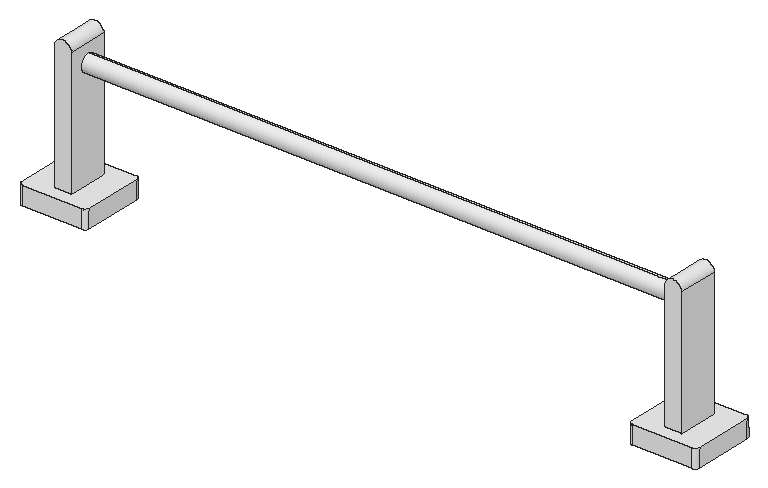
Revit family "Towel_Bar-American_Standard-Contemporary_CS_Series-8335.018_Series", category Specialty Equipment, host Face, Revit 2018
Family settings
  Host = Face
  Round Connector Dimension = Use Diameter
  Part Type = Normal
  OmniClass Number = 23.40.20.21.27
  OmniClass Title = Towel Bars
  Cut with Voids When Loaded = No
  Shared = Yes
  Room Calculation Point = No
Parameters (values of type "8335018.002")
  Width = 18"
  URL = "http://www.americanstandard-us.com"
  Type Comments = ""
  Revised Date = "03/11/2022"  # constant formula
  Product Page URL = "https://www.americanstandard-us.com/Towel-Bars/CS-Series-18-Inch-Towel-Bar/CHROME-8335018002"
  Product Documentation Link = "https://americanstandard.box.com/shared/static/9b9ujtr7z8ytw6nidwsmm714037jnowg.pdf"
  Price = "Prices may vary. Please consult Manufacturer Representative for most up-to-date price list."  # constant formula
  Overall Width = 20"
  Model = "8335018.002"
  Material = "Brass-American Standard-002-Polished Chrome"
  Manufacturer = "American Standard"
  Length = 4 1/2"
  Installation Type = "Wall Mounted"
  Height = 2"
  Finish = Brass-American Standard-002-Polished Chrome
  Description = "CS Series 18-Inch Towel Bar"
  Default Elevation = 40"
  Creation Date = "04/04/2014"  # constant formula
  Assembly Code = "C1030200"
Types (3): name | Product Page URL | Model | Material | Finish
  (no name) | "https://www.americanstandard-us.com/Towel-Bars/CS-Series-18-Inch-Towel-Bar/CHROME-8335018002" | "8335018.002" | "Brass-American Standard-002-Polished Chrome" | Brass-American Standard-002-Polished Chrome
  8335018.002 | "https://www.americanstandard-us.com/Towel-Bars/CS-Series-18-Inch-Towel-Bar/CHROME-8335018002" | "8335018.002" | "Brass-American Standard-002-Polished Chrome" | Brass-American Standard-002-Polished Chrome
  8335018.295 | "https://www.americanstandard-us.com/Towel-Bars/CS-Series-18-Inch-Towel-Bar/BRUSHED-NICKEL-8335018295" | "8335018.295" | "Brass-American Standard-295-Satin Nickel" | Brass-American Standard-295-Satin Nickel
Reference planes (in)
  plane 1 "Center (Front/Back)": y = 0
  plane 2: z = 0
  plane 3 "Center (Left/Right)": x = 0
  plane 4 "Floor Level": y = -40
  plane 5: x = -9
  plane 6: y = 1
  plane 7: x = -10
  plane 8: x = -8
  plane 9: x = -9.25
  plane 10: x = -8.75
  plane 11: z = 3.75
  plane 12: z = 4.5
  plane 13: y = 0.59375
  plane 14: y = -0.59375
  plane 15: y = -1
  plane 16: x = 9
  plane 17: x = 10
  plane 18: x = 8
  plane 19: x = 9.25
  plane 20: x = 8.75
Forms (in)
  Extrusion 1, solid, material "Brass-American Standard-002-Polished Chrome" <- "Finish"
    sketch origin (0, 0, 0) x (1, 0, 0) y (0, 0, -1)
      loop
        line (-9.25, -0.28467) -> (-9.25, -4.25)
        arc (-9.25, -4.25) -> (-9, -4.5) -> (-8.75, -4.25) r 0.25
        line (-8.75, -4.25) -> (-8.75, -0.28467) -> (-9.25, -0.28467)
    from -0.59375 to 0.59375
  Extrusion 2, solid, material "Brass-American Standard-002-Polished Chrome" <- "Finish"
    sketch origin (0, 0, 0) x (1, 0, 0) y (0, 1, 0)
      loop
        arc (-9.875, 1) -> (-9.96339, 0.96339) -> (-10, 0.875) r 0.125
        line (-10, 0.875) -> (-10, -0.875)
        arc (-10, -0.875) -> (-9.96339, -0.96339) -> (-9.875, -1) r 0.125
        line (-9.875, -1) -> (-8.125, -1)
        arc (-8.125, -1) -> (-8.03661, -0.96339) -> (-8, -0.875) r 0.125
        line (-8, -0.875) -> (-8, 0.875)
        arc (-8, 0.875) -> (-8.03661, 0.96339) -> (-8.125, 1) r 0.125
        line (-8.125, 1) -> (-9.875, 1)
    from 0 to 0.52925
  Extrusion 3, solid, material "Brass-American Standard-002-Polished Chrome" <- "Finish"
    sketch origin (0, 0, 0) x (0, 0, -1) y (0, 1, 0)
      loop
        circle (-3.75, 0) r 0.25
    from -9 to 9
  Extrusion 4, solid, material "Brass-American Standard-002-Polished Chrome" <- "Finish"
    sketch origin (0, 0, 0) x (-1, 0, 0) y (0, 0, 1)
      loop
        line (-9.25, 0.28467) -> (-8.75, 0.28467) -> (-8.75, 4.25)
        arc (-8.75, 4.25) -> (-9, 4.5) -> (-9.25, 4.25) r 0.25
        line (-9.25, 4.25) -> (-9.25, 0.28467)
    from -0.59375 to 0.59375
  Extrusion 5, solid, material "Brass-American Standard-002-Polished Chrome" <- "Finish"
    sketch origin (0, 0, 0) x (-1, 0, 0) y (0, -1, 0)
      loop
        line (-9.875, -1) -> (-8.125, -1)
        arc (-8.125, -1) -> (-8.03661, -0.96339) -> (-8, -0.875) r 0.125
        line (-8, -0.875) -> (-8, 0.875)
        arc (-8, 0.875) -> (-8.03661, 0.96339) -> (-8.125, 1) r 0.125
        line (-8.125, 1) -> (-9.875, 1)
        arc (-9.875, 1) -> (-9.96339, 0.96339) -> (-10, 0.875) r 0.125
        line (-10, 0.875) -> (-10, -0.875)
        arc (-10, -0.875) -> (-9.96339, -0.96339) -> (-9.875, -1) r 0.125
    from 0 to 0.52925
Lines and regions (in)
  Masking region 1
    outline origin (0, 0, 0) x (1, 0, 0) y (0, 0, 1)
      loop
        line (-9.25, 4.25) -> (-9.25, 0.52925) -> (-10, 0.52925) -> (-10, 0) -> (-8, 0) -> (-8, 0.52925) -> (-8.75, 0.52925) -> (-8.75, 3.5) -> (8.75, 3.5) -> (8.75, 0.52925) -> (8, 0.52925) -> (8, 0) -> (10, 0) -> (10, 0.52925) -> (9.25, 0.52925) -> (9.25, 4.25)
        arc (9.25, 4.25) -> (9, 4.5) -> (8.75, 4.25) r 0.25
        line (8.75, 4.25) -> (8.75, 4) -> (-8.75, 4) -> (-8.75, 4.25)
        arc (-8.75, 4.25) -> (-9, 4.5) -> (-9.25, 4.25) r 0.25
  symbolic lines, style "SpecialityEquipment", detail levels fine
    curve 1: line (8.75, 0, 0.52925) -> (9.25, 0, 0.52925)
    curve 3: line (-8.75, 0, 0.52925) -> (-9.25, 0, 0.52925)
  symbolic lines, style "SpecialityEquipment", detail levels medium+fine
    curve 2: line (8.75, 0, 3.5) -> (8.75, 0, 4)
    curve 4: line (-8.75, 0, 3.5) -> (-8.75, 0, 4)
Dimensions and locks (in)
  "Default Elevation": plane 4 "Floor Level" to plane 1 "Center (Front/Back)"
  "Width": plane 5 to plane 16
  "Overall Width": plane 7 to plane 17
  plane 15 to plane 6 = 2"
  "Length": plane 12 to level
  plane 11 to plane 2 = 3 3/4"
  "Height": plane 6 to plane 15
  aligned and locked: plane 2 to host face
  aligned and locked: level to host face
Automatic sketch dimensions
  host sketch curve to host sketch curve = 96"  (x2)
  Extrusion 1 sketch curve to plane 9 = 0"
  Extrusion 1 sketch curve to plane 5 = 0"
  Extrusion 1 sketch curve to plane 12 = 1/4"
  level to Extrusion 1 sketch curve = 0.28467"
  Extrusion 2 sketch curve to plane 7 = 0"
  plane 15 to Extrusion 2 sketch curve = 0"
  plane 6 to Extrusion 2 sketch curve = 0"
  Extrusion 2 sketch curve to plane 8 = 0"
  plane 7 to Extrusion 2 sketch curve = 1/8"
  plane 6 to Extrusion 2 sketch curve = 1/8"
  plane 8 to Extrusion 2 sketch curve = 1/8"  (x2)
  Extrusion 3 sketch curve to plane 1 "Center (Front/Back)" = 0"
  Extrusion 3 sketch curve to plane 11 = 0"
  plane 19 to Extrusion 4 sketch curve = 0"
  plane 16 to Extrusion 4 sketch curve = 0"
  level to Extrusion 4 sketch curve = 0.28467"
  Extrusion 4 sketch curve to plane 12 = 1/4"
  Extrusion 5 sketch curve to plane 17 = 0"
  plane 15 to Extrusion 5 sketch curve = 0"
  plane 6 to Extrusion 5 sketch curve = 0"
  Extrusion 5 sketch curve to plane 18 = 0"
  plane 17 to Extrusion 5 sketch curve = 1/8"
  plane 6 to Extrusion 5 sketch curve = 1/8"
  plane 18 to Extrusion 5 sketch curve = 1/8"
  Extrusion 5 sketch curve to Extrusion 5 sketch curve = 1/8"
  Masking region 1 sketch curve to plane 7 = 0"
  Masking region 1 sketch curve to plane 9 = 0"
  Masking region 1 sketch curve to plane 5 = 0"
  plane 10 to Masking region 1 sketch curve = 0"
  plane 8 to Masking region 1 sketch curve = 0"
  Masking region 1 sketch curve to level = 0"  (x2)
  Masking region 1 sketch curve to plane 18 = 0"
  Masking region 1 sketch curve to plane 20 = 0"  (x2)
  plane 16 to Masking region 1 sketch curve = 0"
  plane 17 to Masking region 1 sketch curve = 0"
  level to Masking region 1 sketch curve = 0.52925"  (x3)
  Masking region 1 sketch curve to Masking region 1 sketch curve = 0.52925"
  Masking region 1 sketch curve to plane 11 = 1/4"
  plane 11 to Masking region 1 sketch curve = 1/4"
  Masking region 1 sketch curve to Masking region 1 sketch curve = 1/4"  (x2)
  curve 3 to plane 9 = 0"
  plane 10 to curve 4 = 0"
  plane 10 to curve 3 = 0"
  curve 2 to plane 20 = 0"
  curve 1 to plane 20 = 0"
  plane 19 to curve 1 = 0"
  level to curve 1 = 0.52925"
  level to curve 3 = 0.52925"
  curve 4 to plane 11 = 1/4"
  curve 2 to plane 11 = 1/4"
  plane 11 to curve 4 = 1/4"
  plane 11 to curve 2 = 1/4"
  radius of Extrusion 3 sketch curve = 1/4"
